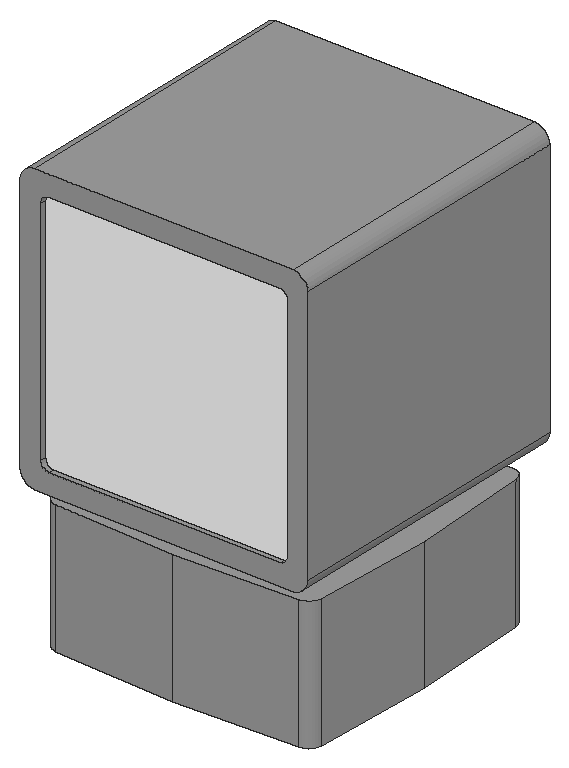
Revit family "3080090 Feilo Sylvania Lighting Fixtures INVERTO DIRECT WW 1-10V WHITE", category Lighting Fixtures, host Face, Revit 2017
Family settings
  Host = Face
  Round Connector Dimension = Use Diameter
  Part Type = Normal
  Cut with Voids When Loaded = No
  Light Source = Yes
  Shared = No
  Room Calculation Point = No
Parameters (values of type "3080090 INVERTO DIRECT WW 1-10V WHITE")
  Weight = "1.461 kg"
  Wattage Comments = "n/a"
  Wattage = 16 W
  WarrantyStartDate [instance] = "n/a"
  WarrantyGuarantorParts = "n/a"
  WarrantyDurationUnit = "n/a"
  WarrantyDurationParts = "n/a"
  WarrantyDescription = "n/a"
  built-in parameter 1150110 = 1 (stored number, unit not read)
  Voltage = 230 V
  URL = "http://www.sylvania-lighting.com"
  TypeName = "INVERTO DIRECT WW 1-10V WHITE"
  Type Image = <None>
  Type Comments = "n/a"
  built-in parameter 1114217 = 1 (stored number, unit not read)
  Tilt Angle = -90.00°
  built-in parameter 1150109 = 1 (stored number, unit not read)
  built-in parameter 1150134 = (empty or 0)
  built-in parameter 1150113 = 1 (stored number, unit not read)
  SerialNumber [instance] = "n/a"
  PowerFactor = 0
  PowerConsumption = "16 W"
  Photometric Web File = "3080090.ies"
  NominalLength = 162 mm
  NominalHeight = 110 mm
  NominalDepth = 110 mm
  Name = "INVERTO DIRECT WW 1-10V WHITE"
  ModelReference = "INVERTO DIRECT WW 1-10V WHITE"
  ModelNumber = "3080090"
  Model = "INVERTO DIRECT WW 1-10V WHITE"
  Material = "aluminium housing, glass diffuser"
  ManufacturerName = "Feilo Sylvania"
  Manufacturer = "Feilo Sylvania"
  LuminousEfficacy = "98 lm/W"
  built-in parameter 1150105 = 124.78 (stored number, unit not read)
  Lumens = 1568 lm
  LuminaireType = ""
  built-in parameter 1150115 = 1 (stored number, unit not read)
  LightOutputRatio = "100"
  built-in parameter 1150137 = (empty or 0)
  built-in parameter 1150139 = (empty or 0)
  LampsType = Lamp  # "LED"
  LampNominalLuminous = "1566 / 1980 lm"
  LampMacAdamStep = "n/a"
  LampColourTemperature = "3000 K"
  LampColourRenderingIndex = "80"
  built-in parameter 1150112 = 1 (stored number, unit not read)
  built-in parameter 1150114 = 1 (stored number, unit not read)
  Lamp = "LED"
  Keynote = "16500"
  InstallationDate [instance] = "n/a"
  InputVoltage = "220-240V~"
  InputNominalFrequency = "50/60 Hz"
  built-in parameter 1150132 = 2
  built-in parameter 1150102 = (empty or 0)
  built-in parameter 1150107 = 3000 (stored number, unit not read)
  built-in parameter 1150138 = (empty or 0)
  IngressProtection = "IP65"
  ImpactProtectionIndex = "IK07"
  built-in parameter 1150106 = 1.2478 (stored number, unit not read)
  IfcExportType = "IfcLightFixtureType"
  IfcExportAs = "IfcLightFixtureType"
  Housing material = Metal, Powder Coated, White
  ExpectedLife = 50000
  Emit from Rectangle Width = 90 mm
  Emit from Rectangle Length = 90 mm
  Emit Shape Visible in Rendering = no
  ElectricShockClassification = "Class I"
  built-in parameter 1150104 = 9.1045 (stored number, unit not read)
  DurationUnit = "hours"
  DocumentationLiterature = "http://www.sylvania-lighting.com/product/en-int/products/3080090"
  DimmingControlOptions = "Dimmable"
  Dimming Lamp Color Temperature Shift = <None>
  Description = "Surface Wall mounted luminaire, wire to base with pluggable connection for easy installation,  suitable for looping, switchable driver, white coloured aluminium housing, 1,617lm or 2,045lm, 16W or 19W, 102lm/W or 107lm/W, 3000K, 350mA or 450mA , CRI:80,  40° beam Angle, 1-10V dimmable, IP65, IK02, 50,000hrs (L70),  23.00x19.4x11.5mm."
  Default Elevation = 1219.2 mm
  CreatedOn = "17/11/2017"
  CreatedBy = ""
  Cost = 0
  Color Filter = 16777215
  built-in parameter 1114216 [instance] = (empty or 0)
  Calculate Coefficient of Utilization = no
  BarCode [instance] = "n/a"
  built-in parameter 1114218 = 1 (stored number, unit not read)
  built-in parameter 1150133 = 10 (stored number, unit not read)
  AssetType = "Fixed"
  AssetIdentifier [instance] = "n/a"
  Assembly Code = "D5020200"
  Apparent Load = 16 VA
Reference planes
  plane 1 "Center (Front/Back)": y = 0
  plane 2: z = 0
  plane 3 "Center (Left/Right)": x = 0
  plane 4: x = 51
  plane 5: x = -51
  plane 6: y = -51
  plane 7: y = 51
  plane 8: x = -55
  plane 9: x = 55
  plane 10: y = 55
  plane 11: y = -55
  plane 12: z = 48
  plane 13: z = 162
  plane 14: z = 52
  plane 15: y = -40
  plane 16: y = 40
  plane 17: x = -40
  plane 18: x = 40
  plane 19: z = 62
  plane 20: z = 152
  plane 21: x = -45
  plane 22: x = 45
  plane 23: y = 48.5
  plane 24: x = -48.5
  plane 25: x = 48.5
  plane 26: y = -48.5
  plane 27: z = 107
  plane 28: z = 159
  plane 29: x = -52
  plane 30: z = 55
  plane 31: x = 52
Forms (mm)
  Extrusion 1, solid, material "Default", detail levels medium+fine
    sketch origin (0, 0, 0) x (0, 1, 0) y (0, 0, 1)
      loop
        line (-51, 48) -> (-51, 0) -> (51, 0) -> (51, 48) -> (-51, 48)
    from -51 to 51
  Extrusion 2, solid, material "Default", detail levels medium+fine
    sketch origin (0, 0, 0) x (0, 1, 0) y (0, 0, 1)
      loop
        line (-40, 48) -> (40, 48) -> (40, 55) -> (-40, 55) -> (-40, 48)
    from -40 to 40
  Extrusion 3, void, detail levels medium+fine
    sketch origin (0, 0, 0) x (1, 0, 0) y (0, 1, 0)
      loop
        arc (-44.399, 48.906) -> (-22.224, 50.476) -> (0, 51) r 471.7
        line (0, 51) -> (-51, 51) -> (-51, 0)
        arc (-51, 0) -> (-50.476, 22.224) -> (-48.906, 44.399) r 471.7
        arc (-48.906, 44.399) -> (-47.464, 47.464) -> (-44.399, 48.906) r 5
    from 0 to 48
  Extrusion 4, void, detail levels medium+fine
    sketch origin (0, 0, 0) x (-1, 0, 0) y (0, -1, 0)
      loop
        arc (-44.399, -48.906) -> (-47.464, -47.464) -> (-48.906, -44.399) r 5
        arc (-48.906, -44.399) -> (-50.476, -22.224) -> (-51, 0) r 471.7
        line (-51, 0) -> (-51, -51) -> (0, -51)
        arc (0, -51) -> (-22.224, -50.476) -> (-44.399, -48.906) r 471.7
    from 0 to 48
  Extrusion 5, void, detail levels medium+fine
    sketch origin (0, 0, 0) x (1, 0, 0) y (0, 1, 0)
      loop
        arc (-44.399, -48.906) -> (-47.464, -47.464) -> (-48.906, -44.399) r 5
        arc (-48.906, -44.399) -> (-50.476, -22.224) -> (-51, 0) r 471.7
        line (-51, 0) -> (-51, -51) -> (0, -51)
        arc (0, -51) -> (-22.224, -50.476) -> (-44.399, -48.906) r 471.7
    from 0 to 48
  Extrusion 6, void, detail levels medium+fine
    sketch origin (0, 0, 0) x (-1, 0, 0) y (0, -1, 0)
      loop
        arc (-44.399, 48.906) -> (-22.224, 50.476) -> (0, 51) r 471.7
        line (0, 51) -> (-51, 51) -> (-51, 0)
        arc (-51, 0) -> (-50.476, 22.224) -> (-48.906, 44.399) r 471.7
        arc (-48.906, 44.399) -> (-47.464, 47.464) -> (-44.399, 48.906) r 5
    from 0 to 48
  Extrusion 7, solid, material "Default", detail levels medium+fine
    sketch origin (0, 0, 0) x (1, 0, 0) y (0, 0, 1)
      loop
        arc (-47.19, 159.531) -> (-50.806, 157.806) -> (-52.531, 154.19) r 6
        arc (-52.531, 154.19) -> (-55, 107) -> (-52.531, 59.81) r 452.167
        arc (-52.531, 59.81) -> (-50.806, 56.194) -> (-47.19, 54.469) r 6
        arc (-47.19, 54.469) -> (0, 52) -> (47.19, 54.469) r 452.167
        arc (47.19, 54.469) -> (50.806, 56.194) -> (52.531, 59.81) r 6
        arc (52.531, 59.81) -> (55, 107) -> (52.531, 154.19) r 452.167
        arc (52.531, 154.19) -> (50.806, 157.806) -> (47.19, 159.531) r 6
        arc (47.19, 159.531) -> (0, 162) -> (-47.19, 159.531) r 452.167
    from -55 to 55
  Extrusion 8, solid, material "Metal, Powder Coated, White" <- "Housing material", detail levels coarse
    sketch origin (0, 0, 0) x (1, 0, 0) y (0, 0, 1)
      loop
        line (-55, 162) -> (-55, 52) -> (55, 52) -> (55, 162) -> (-55, 162)
    from -55 to 55
  Extrusion 9, void
    sketch origin (1524, -55, 1219.2) x (-1, 0, 0) y (0, 0, 1)
      loop
        line (1566, -1067.2) -> (1482, -1067.2)
        arc (1482, -1067.2) -> (1479.879, -1068.079) -> (1479, -1070.2) r 3
        line (1479, -1070.2) -> (1479, -1154.2)
        arc (1479, -1154.2) -> (1479.879, -1156.321) -> (1482, -1157.2) r 3
        line (1482, -1157.2) -> (1566, -1157.2)
        arc (1566, -1157.2) -> (1568.121, -1156.321) -> (1569, -1154.2) r 3
        line (1569, -1154.2) -> (1569, -1070.2)
        arc (1569, -1070.2) -> (1568.121, -1068.079) -> (1566, -1067.2) r 3
    from 0 to 4
  Extrusion 10, solid, material "Diffuser-Sylvania-Glow"
    sketch origin (1524, -51, 1219.2) x (1, 0, 0) y (0, 0, 1)
      loop
        line (-1566, -1157.2) -> (-1482, -1157.2)
        arc (-1482, -1157.2) -> (-1479.879, -1156.321) -> (-1479, -1154.2) r 3
        line (-1479, -1154.2) -> (-1479, -1070.2)
        arc (-1479, -1070.2) -> (-1479.879, -1068.079) -> (-1482, -1067.2) r 3
        line (-1482, -1067.2) -> (-1566, -1067.2)
        arc (-1566, -1067.2) -> (-1568.121, -1068.079) -> (-1569, -1070.2) r 3
        line (-1569, -1070.2) -> (-1569, -1154.2)
        arc (-1569, -1154.2) -> (-1568.121, -1156.321) -> (-1566, -1157.2) r 3
    from 0 to 2
  Extrusion 11, solid, material "Metal, Powder Coated, White" <- "Housing material", detail levels coarse
    sketch origin (0, 0, 0) x (1, 0, 0) y (0, 1, 0)
      loop
        line (-51, 51) -> (-51, -51) -> (51, -51) -> (51, 51) -> (-51, 51)
    from 0 to 48
Cuts and joins
  Extrusion 3, Extrusion 4, Extrusion 5, Extrusion 6 cuts Extrusion 1
  Extrusion 9 cuts Extrusion 2
  Extrusion 9 cuts Extrusion 7
  joined: Extrusion 2, Extrusion 7
  Extrusion 9 cuts Extrusion 8
Dimensions and locks
  equal spacing: plane 5, plane 3 "Center (Left/Right)", plane 4
  locked: plane 5 to plane 4 at 102
  equal spacing: plane 6, plane 1 "Center (Front/Back)", plane 7
  locked: plane 6 to plane 7 at 102
  equal spacing: plane 11, plane 1 "Center (Front/Back)", plane 10
  locked: plane 11 to plane 10 at 110
  equal spacing: plane 8, plane 3 "Center (Left/Right)", plane 9
  locked: plane 8 to plane 9 at 110
  locked: plane 12 to plane 2 at 48
  locked: plane 12 to plane 14 at 4
  locked: plane 13 to plane 2 at 162
  equal spacing: plane 15, plane 1 "Center (Front/Back)", plane 16
  locked: plane 15 to plane 16 at 80
  equal spacing: plane 17, plane 3 "Center (Left/Right)", plane 18
  locked: plane 17 to plane 18 at 80
  locked: plane 19 to plane 14 at 10
  locked: plane 13 to plane 20 at 10
  locked: plane 21 to plane 8 at 10
  locked: plane 9 to plane 22 at 10
  plane 19 to plane 14 = 10 mm
  locked: plane 27 to plane 2 at 107
  locked: plane 29 to plane 8 at 3
  locked: plane 13 to plane 28 at 3
  locked: plane 9 to plane 31 at 3
  locked: plane 30 to plane 14 at 3
  aligned and locked: plane 2 to host face
  aligned and locked: level to host face
  aligned and locked: plane 12 to Extrusion 1 sketch curve
  aligned and locked: Extrusion 1 sketch curve to plane 6
  aligned and locked: level to Extrusion 1 sketch curve
  aligned and locked: plane 7 to Extrusion 1 sketch curve
  aligned and locked: plane 4 to Extrusion 1
  aligned and locked: Extrusion 1 to plane 5
  aligned and locked: plane 12 to Extrusion 2 sketch curve
  aligned and locked: plane 15 to Extrusion 2 sketch curve
  aligned and locked: Extrusion 2 sketch curve to plane 16
  aligned and locked: Extrusion 3 sketch curve to Extrusion 1
  aligned and locked: Extrusion 3 to level
  aligned and locked: Extrusion 3 to plane 12
  aligned and locked: Extrusion 7 to plane 10
  aligned and locked: plane 11 to Extrusion 7
  aligned and locked: Extrusion 2 to plane 30
  aligned and locked: plane 13 to Extrusion 8 sketch curve
  aligned and locked: Extrusion 8 sketch curve to plane 14
  aligned and locked: Extrusion 8 sketch curve to plane 9
  aligned and locked: plane 11 to Extrusion 8
  aligned and locked: Extrusion 8 to plane 10
  aligned and locked: Extrusion 9 sketch curve to plane 20
  aligned and locked: plane 19 to Extrusion 9 sketch curve
  aligned and locked: plane 11 to Extrusion 9
  aligned and locked: Extrusion 9 to plane 6
  aligned and locked: Extrusion 10 to plane 6
  aligned and locked: plane 22 to Extrusion 9 sketch curve
  aligned and locked: Extrusion 9 sketch curve to plane 21
  aligned and locked: plane 21 to Extrusion 10 sketch curve
  aligned and locked: Extrusion 10 sketch curve to plane 22
  aligned and locked: plane 7 to Extrusion 11 sketch curve
  aligned and locked: plane 5 to Extrusion 11 sketch curve
  aligned and locked: Extrusion 11 sketch curve to plane 6
  aligned and locked: Extrusion 11 sketch curve to plane 4
  aligned and locked: Extrusion 11 to level
  aligned and locked: Extrusion 11 to plane 12
  aligned and locked: imposter light to Extrusion 10
  aligned and locked: imposter light to plane 27
Automatic sketch dimensions
  host sketch curve to host sketch curve = 2438.4 mm  (x2)
  Extrusion 3 sketch curve to plane 3 "Center (Left/Right)" = 0 mm
  plane 1 "Center (Front/Back)" to Extrusion 3 sketch curve = 0 mm
  plane 7 to Extrusion 3 sketch curve = 0 mm
  plane 21 to Extrusion 3 sketch curve = 1.072 mm
  plane 9 to Extrusion 3 sketch curve = 365.7 mm
  plane 11 to Extrusion 3 sketch curve = 365.7 mm
  Extrusion 3 sketch curve to plane 16 = 3.928 mm
  Extrusion 3 sketch curve to Extrusion 3 sketch curve = 0 mm
  plane 1 "Center (Front/Back)" to Extrusion 4 sketch curve = 0 mm
  Extrusion 4 sketch curve to plane 4 = 0 mm
  Extrusion 4 sketch curve to plane 3 "Center (Left/Right)" = 0 mm
  plane 7 to Extrusion 4 sketch curve = 0 mm
  plane 22 to Extrusion 4 sketch curve = 1.072 mm
  plane 8 to Extrusion 4 sketch curve = 365.7 mm
  Extrusion 4 sketch curve to plane 11 = 365.7 mm
  plane 16 to Extrusion 4 sketch curve = 3.928 mm
  Extrusion 4 sketch curve to Extrusion 4 sketch curve = 0 mm
  plane 1 "Center (Front/Back)" to Extrusion 5 sketch curve = 0 mm
  Extrusion 5 sketch curve to plane 5 = 0 mm
  Extrusion 5 sketch curve to plane 3 "Center (Left/Right)" = 0 mm
  plane 6 to Extrusion 5 sketch curve = 0 mm
  Extrusion 5 sketch curve to plane 21 = 1.072 mm
  Extrusion 5 sketch curve to plane 9 = 365.7 mm
  plane 10 to Extrusion 5 sketch curve = 365.7 mm
  Extrusion 5 sketch curve to plane 15 = 3.928 mm
  Extrusion 5 sketch curve to Extrusion 5 sketch curve = 0 mm
  plane 1 "Center (Front/Back)" to Extrusion 6 sketch curve = 0 mm
  Extrusion 6 sketch curve to plane 4 = 0 mm
  Extrusion 6 sketch curve to plane 3 "Center (Left/Right)" = 0 mm
  plane 6 to Extrusion 6 sketch curve = 0 mm
  Extrusion 6 sketch curve to plane 22 = 1.072 mm
  Extrusion 6 sketch curve to plane 8 = 365.7 mm
  Extrusion 6 sketch curve to plane 10 = 365.7 mm
  plane 15 to Extrusion 6 sketch curve = 3.928 mm
  Extrusion 6 sketch curve to Extrusion 6 sketch curve = 0 mm
  Extrusion 7 sketch curve to plane 27 = 0 mm  (x2)
  Extrusion 7 sketch curve to plane 3 "Center (Left/Right)" = 0 mm  (x2)
  Extrusion 7 sketch curve to plane 8 = 342.167 mm
  Extrusion 7 sketch curve to plane 21 = 1.564 mm
  Extrusion 7 sketch curve to plane 17 = 6.564 mm
  plane 18 to Extrusion 7 sketch curve = 6.564 mm  (x2)
  plane 9 to Extrusion 7 sketch curve = 342.167 mm
  plane 19 to Extrusion 7 sketch curve = 1.564 mm  (x2)
  Extrusion 7 sketch curve to level = 290.167 mm
  Extrusion 7 sketch curve to plane 20 = 1.564 mm  (x2)
  Extrusion 7 sketch curve to plane 13 = 342.167 mm
  Extrusion 7 sketch curve to Extrusion 7 sketch curve = 0 mm  (x7)
  Extrusion 7 sketch curve to plane 29 = 0.531 mm
  Extrusion 2 sketch curve to plane 14 = 3 mm
  Extrusion 8 sketch curve to plane 8 = 0 mm
  plane 18 to Extrusion 9 sketch curve = 2 mm  (x2)
  Extrusion 9 sketch curve to plane 17 = 2 mm  (x2)
  Extrusion 10 sketch curve to plane 19 = 0 mm
  Extrusion 10 sketch curve to plane 20 = 0 mm
  Extrusion 10 sketch curve to plane 17 = 2 mm  (x2)
  plane 18 to Extrusion 10 sketch curve = 2 mm  (x2)
Connectors
  electrical at (0, 0, 0), driven by "Apparent Load"
    settings: index 1, voltage 230 V, apparent load 16 VA, apparent load phase1 0 VA, apparent load phase2 0 VA, apparent load phase3 0 VA, power factor 0, load classification "Lighting", number of poles 1, system type 30, power factor state 1, is connector primary yes, connector utility no, sub classification motor no, connector description ""
